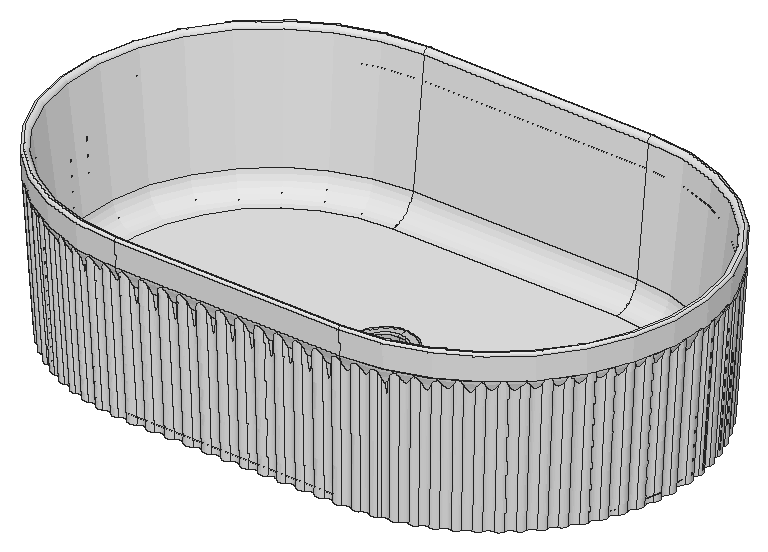
Revit family "Comfort Oval ribbed basin", category Plumbing Fixtures, Revit 2023
Family settings
  Round Connector Dimension = Use Diameter
  Part Type = Normal
  OmniClass Number = 23.45.00.00
  OmniClass Title = Sanitary, Laundry, and Cleaning Equipment
  Work Plane-Based = No
  Enable Cutting in Views = No
  Always vertical = Yes
  Cut with Voids When Loaded = No
  Maintain Annotation Orientation = No
  Shared = No
  Room Calculation Point = No
Parameters
  Silver = Silver
  Default Elevation = 0 mm
  Ceramic = Ceramic
Reference planes
  plane 1 "Center (Front/Back)": y = 0
  plane 2: z = 0
  plane 3 "Center (Left/Right)": x = 0
Forms (mm)
  Sweep 1, solid, material "Ceramic" <- "Ceramic"
    path origin (0, 0, 0) x (1, 0, 0) y (0, 1, 0)
      loop
        arc (-88, 114.837) -> (-203, -0.163) -> (-88, -115.163) r 115
        line (-88, -115.163) -> (88, -115.163)
        arc (88, -115.163) -> (203, -0.163) -> (88, 114.837) r 115
        line (88, 114.837) -> (-88, 114.837)
    profile origin (0, 114.837, 0) x (0, 1, 0) y (0, 0, 1)
      loop
        arc (22.876, 35.342) -> (16.277, 22.8) -> (3.025, 17.779) r 20
        line (3.025, 17.779) -> (0, 17.779) -> (0, 0) -> (23.538, 0)
        arc (23.538, 0) -> (26.98, 1.373) -> (28.532, 4.738) r 5
        line (28.532, 4.738) -> (35.09, 98.53)
        spline (35.09, 98.53) -> (35.414, 100.021) -> (35.786, 101.359) -> (36.191, 102.552) -> (36.612, 103.607) -> (37.033, 104.534) -> (37.437, 105.339) -> (37.809, 106.034) -> (38.141, 106.656) -> (38.432, 107.271) -> (38.679, 107.942) -> (38.882, 108.736) -> (39.04, 109.717)
        line (39.04, 109.717) -> (39.995, 127.937)
        arc (39.995, 127.937) -> (39.455, 129.412) -> (38.016, 130.041) r 2
        arc (38.016, 130.041) -> (35.382, 129.029) -> (34.072, 126.529) r 4
        line (34.072, 126.529) -> (22.876, 35.342)
  Extrusion 2, solid, material "Ceramic" <- "Ceramic"
    sketch origin (0, 0, 0) x (1, 0, 0) y (0, 1, 0)
      loop
        arc (-88, 114.837) -> (-203, -0.163) -> (-88, -115.163) r 115
        line (-88, -115.163) -> (88, -115.163)
        arc (88, -115.163) -> (203, -0.163) -> (88, 114.837) r 115
        line (88, 114.837) -> (-88, 114.837)
    from 0 to 17.779
  Blend 3, solid, material "Ceramic" <- "Ceramic"
    base sketch origin (0, 0, 0) x (1, 0, 0) y (0, 1, 0)
      loop
        arc (-3.677, 147.215) -> (-7.331, 148.879) -> (-11, 147.251) r 4.895
        arc (-11, 147.251) -> (-14.685, 145.551) -> (-18.386, 147.215) r 4.895
        arc (-18.386, 147.215) -> (-22.039, 148.879) -> (-25.709, 147.251) r 4.895
        arc (-25.709, 147.251) -> (-29.394, 145.551) -> (-33.095, 147.215) r 4.895
        arc (-33.095, 147.215) -> (-36.748, 148.879) -> (-40.418, 147.251) r 4.895
        arc (-40.418, 147.251) -> (-44.103, 145.551) -> (-47.804, 147.215) r 4.895
        arc (-47.804, 147.215) -> (-51.457, 148.879) -> (-55.127, 147.251) r 4.895
        arc (-55.127, 147.251) -> (-58.811, 145.551) -> (-62.513, 147.215) r 4.895
        arc (-62.513, 147.215) -> (-66.214, 148.879) -> (-69.899, 147.179) r 4.895
        arc (-69.899, 147.179) -> (-73.568, 145.551) -> (-77.221, 147.215) r 4.895
        arc (-77.221, 147.215) -> (-80.875, 148.879) -> (-84.544, 147.251) r 4.895
        arc (-84.544, 147.251) -> (-87.866, 145.566) -> (-91.424, 146.694) r 4.895
        arc (-91.424, 146.694) -> (-94.901, 147.84) -> (-98.214, 146.264) r 4.895
        arc (-98.214, 146.264) -> (-101.331, 144.693) -> (-104.703, 145.598) r 4.895
        arc (-104.703, 145.598) -> (-107.944, 146.478) -> (-110.996, 145.068) r 4.895
        line (-110.996, 145.068) -> (-112.08, 143.983)
        arc (-112.08, 143.983) -> (-114.923, 142.626) -> (-118.013, 143.267) r 4.895
        arc (-118.013, 143.267) -> (-121.683, 143.816) -> (-124.699, 141.641) r 4.895
        arc (-124.699, 141.641) -> (-127.458, 139.523) -> (-130.934, 139.756) r 4.895
        arc (-130.934, 139.756) -> (-134.569, 139.952) -> (-137.35, 137.593) r 4.895
        arc (-137.35, 137.593) -> (-139.888, 135.309) -> (-143.308, 135.224) r 4.895
        arc (-143.308, 135.224) -> (-146.961, 135.053) -> (-149.492, 132.405) r 4.895
        arc (-149.492, 132.405) -> (-151.857, 129.822) -> (-155.346, 129.463) r 4.895
        arc (-155.346, 129.463) -> (-159.049, 129.004) -> (-161.37, 126.074) r 4.895
        arc (-161.37, 126.074) -> (-163.476, 123.257) -> (-166.931, 122.563) r 4.895
        arc (-166.931, 122.563) -> (-170.557, 121.771) -> (-172.602, 118.666) r 4.895
        arc (-172.602, 118.666) -> (-174.409, 115.72) -> (-177.712, 114.702) r 4.895
        arc (-177.712, 114.702) -> (-181.071, 113.766) -> (-182.954, 110.831) r 4.895
        arc (-182.954, 110.831) -> (-184.385, 107.502) -> (-187.713, 106.051) r 4.895
        arc (-187.713, 106.051) -> (-191.066, 104.592) -> (-192.491, 101.217) r 4.895
        arc (-192.491, 101.217) -> (-193.782, 97.963) -> (-196.916, 96.386) r 4.895
        arc (-196.916, 96.386) -> (-200.214, 94.641) -> (-201.341, 91.077) r 4.895
        arc (-201.341, 91.077) -> (-202.308, 87.695) -> (-205.29, 85.817) r 4.895
        arc (-205.29, 85.817) -> (-208.397, 83.788) -> (-209.205, 80.159) r 4.895
        arc (-209.205, 80.159) -> (-209.858, 76.743) -> (-212.61, 74.606) r 4.895
        arc (-212.61, 74.606) -> (-215.456, 72.336) -> (-215.966, 68.725) r 4.895
        arc (-215.966, 68.725) -> (-216.344, 65.332) -> (-218.842, 62.995) r 4.895
        arc (-218.842, 62.995) -> (-221.458, 60.439) -> (-221.589, 56.778) r 4.895
        arc (-221.589, 56.778) -> (-221.639, 53.277) -> (-224.007, 50.689) r 4.895
        arc (-224.007, 50.689) -> (-226.469, 47.885) -> (-226.255, 44.153) r 4.895
        arc (-226.255, 44.153) -> (-225.956, 40.649) -> (-228.076, 37.833) r 4.895
        arc (-228.076, 37.833) -> (-230.258, 34.832) -> (-229.723, 31.153) r 4.895
        arc (-229.723, 31.153) -> (-229.119, 27.728) -> (-230.931, 24.752) r 4.895
        arc (-230.931, 24.752) -> (-232.784, 21.619) -> (-231.976, 18.062) r 4.895
        arc (-231.976, 18.062) -> (-231.123, 14.756) -> (-232.627, 11.684) r 4.895
        arc (-232.627, 11.684) -> (-234.161, 8.392) -> (-233.005, 4.949) r 4.895
        arc (-233.005, 4.949) -> (-230.897, 0.037) -> (-232.958, -4.894) r 6.853
        arc (-232.958, -4.894) -> (-234.163, -8.356) -> (-232.639, -11.696) r 4.895
        arc (-232.639, -11.696) -> (-231.123, -14.756) -> (-231.962, -18.073) r 4.895
        arc (-231.962, -18.073) -> (-232.784, -21.619) -> (-230.942, -24.766) r 4.895
        arc (-230.942, -24.766) -> (-229.119, -27.728) -> (-229.707, -31.162) r 4.895
        arc (-229.707, -31.162) -> (-230.258, -34.832) -> (-228.085, -37.848) r 4.895
        arc (-228.085, -37.848) -> (-225.956, -40.649) -> (-226.239, -44.161) r 4.895
        arc (-226.239, -44.161) -> (-226.469, -47.885) -> (-224.015, -50.705) r 4.895
        arc (-224.015, -50.705) -> (-221.639, -53.277) -> (-221.572, -56.784) r 4.895
        arc (-221.572, -56.784) -> (-221.458, -60.439) -> (-218.849, -63.011) r 4.895
        arc (-218.849, -63.011) -> (-216.344, -65.332) -> (-215.949, -68.73) r 4.895
        arc (-215.949, -68.73) -> (-215.456, -72.336) -> (-212.616, -74.623) r 4.895
        arc (-212.616, -74.623) -> (-209.858, -76.743) -> (-209.187, -80.162) r 4.895
        arc (-209.187, -80.162) -> (-208.397, -83.788) -> (-205.293, -85.835) r 4.895
        arc (-205.293, -85.835) -> (-202.308, -87.695) -> (-201.324, -91.078) r 4.895
        arc (-201.324, -91.078) -> (-200.214, -94.641) -> (-196.917, -96.404) r 4.895
        arc (-196.917, -96.404) -> (-193.782, -97.963) -> (-192.473, -101.217) r 4.895
        arc (-192.473, -101.217) -> (-191.066, -104.592) -> (-187.713, -106.068) r 4.895
        arc (-187.713, -106.068) -> (-184.385, -107.502) -> (-182.954, -110.831) r 4.895
        arc (-182.954, -110.831) -> (-181.071, -113.766) -> (-177.712, -114.702) r 4.895
        arc (-177.712, -114.702) -> (-174.409, -115.72) -> (-172.585, -118.663) r 4.895
        arc (-172.585, -118.663) -> (-170.557, -121.771) -> (-166.928, -122.58) r 4.895
        arc (-166.928, -122.58) -> (-163.476, -123.257) -> (-161.353, -126.07) r 4.895
        arc (-161.353, -126.07) -> (-159.049, -129.004) -> (-155.341, -129.48) r 4.895
        arc (-155.341, -129.48) -> (-151.857, -129.822) -> (-149.476, -132.398) r 4.895
        arc (-149.476, -132.398) -> (-146.961, -135.053) -> (-143.302, -135.24) r 4.895
        arc (-143.302, -135.24) -> (-139.888, -135.309) -> (-137.334, -137.585) r 4.895
        arc (-137.334, -137.585) -> (-134.569, -139.952) -> (-130.927, -139.772) r 4.895
        arc (-130.927, -139.772) -> (-127.458, -139.523) -> (-124.684, -141.632) r 4.895
        arc (-124.684, -141.632) -> (-121.683, -143.816) -> (-118.004, -143.282) r 4.895
        arc (-118.004, -143.282) -> (-114.923, -142.626) -> (-112.08, -143.983) r 4.895
        line (-112.08, -143.983) -> (-110.989, -145.062)
        arc (-110.989, -145.062) -> (-107.944, -146.478) -> (-104.703, -145.598) r 4.895
        arc (-104.703, -145.598) -> (-101.331, -144.693) -> (-98.201, -146.252) r 4.895
        arc (-98.201, -146.252) -> (-94.901, -147.84) -> (-91.412, -146.707) r 4.895
        arc (-91.412, -146.707) -> (-87.866, -145.566) -> (-84.544, -147.251) r 4.895
        arc (-84.544, -147.251) -> (-80.875, -148.879) -> (-77.221, -147.215) r 4.895
        arc (-77.221, -147.215) -> (-73.568, -145.551) -> (-69.899, -147.179) r 4.895
        arc (-69.899, -147.179) -> (-66.214, -148.879) -> (-62.513, -147.215) r 4.895
        arc (-62.513, -147.215) -> (-58.811, -145.551) -> (-55.127, -147.251) r 4.895
        arc (-55.127, -147.251) -> (-51.457, -148.879) -> (-47.804, -147.215) r 4.895
        arc (-47.804, -147.215) -> (-44.103, -145.551) -> (-40.418, -147.251) r 4.895
        arc (-40.418, -147.251) -> (-36.748, -148.879) -> (-33.095, -147.215) r 4.895
        arc (-33.095, -147.215) -> (-29.394, -145.551) -> (-25.709, -147.251) r 4.895
        arc (-25.709, -147.251) -> (-22.039, -148.879) -> (-18.386, -147.215) r 4.895
        arc (-18.386, -147.215) -> (-14.685, -145.551) -> (-11, -147.251) r 4.895
        arc (-11, -147.251) -> (-7.331, -148.879) -> (-3.677, -147.215) r 4.895
        arc (-3.677, -147.215) -> (0, -145.551) -> (3.677, -147.215) r 4.895
        arc (3.677, -147.215) -> (7.331, -148.879) -> (11, -147.251) r 4.895
        arc (11, -147.251) -> (14.685, -145.551) -> (18.386, -147.215) r 4.895
        arc (18.386, -147.215) -> (22.039, -148.879) -> (25.709, -147.251) r 4.895
        arc (25.709, -147.251) -> (29.394, -145.551) -> (33.095, -147.215) r 4.895
        arc (33.095, -147.215) -> (36.748, -148.879) -> (40.418, -147.251) r 4.895
        arc (40.418, -147.251) -> (44.103, -145.551) -> (47.804, -147.215) r 4.895
        arc (47.804, -147.215) -> (51.457, -148.879) -> (55.127, -147.251) r 4.895
        arc (55.127, -147.251) -> (58.811, -145.551) -> (62.513, -147.215) r 4.895
        arc (62.513, -147.215) -> (66.214, -148.879) -> (69.899, -147.179) r 4.895
        arc (69.899, -147.179) -> (73.568, -145.551) -> (77.221, -147.215) r 4.895
        arc (77.221, -147.215) -> (80.875, -148.879) -> (84.544, -147.251) r 4.895
        arc (84.544, -147.251) -> (87.866, -145.566) -> (91.424, -146.694) r 4.895
        arc (91.424, -146.694) -> (94.901, -147.84) -> (98.214, -146.264) r 4.895
        arc (98.214, -146.264) -> (101.331, -144.693) -> (104.703, -145.598) r 4.895
        arc (104.703, -145.598) -> (107.944, -146.478) -> (110.996, -145.068) r 4.895
        line (110.996, -145.068) -> (112.08, -143.983)
        arc (112.08, -143.983) -> (114.923, -142.626) -> (118.013, -143.267) r 4.895
        arc (118.013, -143.267) -> (121.683, -143.816) -> (124.699, -141.641) r 4.895
        arc (124.699, -141.641) -> (127.458, -139.523) -> (130.934, -139.756) r 4.895
        arc (130.934, -139.756) -> (134.569, -139.952) -> (137.35, -137.593) r 4.895
        arc (137.35, -137.593) -> (139.888, -135.309) -> (143.308, -135.224) r 4.895
        arc (143.308, -135.224) -> (146.961, -135.053) -> (149.492, -132.405) r 4.895
        arc (149.492, -132.405) -> (151.857, -129.822) -> (155.346, -129.463) r 4.895
        arc (155.346, -129.463) -> (159.049, -129.004) -> (161.37, -126.074) r 4.895
        arc (161.37, -126.074) -> (163.476, -123.257) -> (166.931, -122.563) r 4.895
        arc (166.931, -122.563) -> (170.557, -121.771) -> (172.602, -118.666) r 4.895
        arc (172.602, -118.666) -> (174.409, -115.72) -> (177.712, -114.702) r 4.895
        arc (177.712, -114.702) -> (181.071, -113.766) -> (182.954, -110.831) r 4.895
        arc (182.954, -110.831) -> (184.385, -107.502) -> (187.713, -106.051) r 4.895
        arc (187.713, -106.051) -> (191.066, -104.592) -> (192.491, -101.217) r 4.895
        arc (192.491, -101.217) -> (193.782, -97.963) -> (196.916, -96.386) r 4.895
        arc (196.916, -96.386) -> (200.214, -94.641) -> (201.341, -91.077) r 4.895
        arc (201.341, -91.077) -> (202.308, -87.695) -> (205.29, -85.817) r 4.895
        arc (205.29, -85.817) -> (208.397, -83.788) -> (209.205, -80.159) r 4.895
        arc (209.205, -80.159) -> (209.858, -76.743) -> (212.61, -74.606) r 4.895
        arc (212.61, -74.606) -> (215.456, -72.336) -> (215.966, -68.725) r 4.895
        arc (215.966, -68.725) -> (216.344, -65.332) -> (218.842, -62.995) r 4.895
        arc (218.842, -62.995) -> (221.458, -60.439) -> (221.589, -56.778) r 4.895
        arc (221.589, -56.778) -> (221.639, -53.277) -> (224.007, -50.689) r 4.895
        arc (224.007, -50.689) -> (226.469, -47.885) -> (226.255, -44.153) r 4.895
        arc (226.255, -44.153) -> (225.956, -40.649) -> (228.076, -37.833) r 4.895
        arc (228.076, -37.833) -> (230.258, -34.832) -> (229.723, -31.153) r 4.895
        arc (229.723, -31.153) -> (229.119, -27.728) -> (230.931, -24.752) r 4.895
        arc (230.931, -24.752) -> (232.784, -21.619) -> (231.976, -18.062) r 4.895
        arc (231.976, -18.062) -> (231.123, -14.756) -> (232.627, -11.684) r 4.895
        arc (232.627, -11.684) -> (234.163, -8.356) -> (232.958, -4.894) r 4.895
        arc (232.958, -4.894) -> (230.897, 0.037) -> (233.005, 4.949) r 6.853
        arc (233.005, 4.949) -> (234.161, 8.392) -> (232.639, 11.696) r 4.895
        arc (232.639, 11.696) -> (231.123, 14.756) -> (231.962, 18.073) r 4.895
        arc (231.962, 18.073) -> (232.784, 21.619) -> (230.942, 24.766) r 4.895
        arc (230.942, 24.766) -> (229.119, 27.728) -> (229.707, 31.162) r 4.895
        arc (229.707, 31.162) -> (230.258, 34.832) -> (228.085, 37.848) r 4.895
        arc (228.085, 37.848) -> (225.956, 40.649) -> (226.239, 44.161) r 4.895
        arc (226.239, 44.161) -> (226.469, 47.885) -> (224.015, 50.705) r 4.895
        arc (224.015, 50.705) -> (221.639, 53.277) -> (221.572, 56.784) r 4.895
        arc (221.572, 56.784) -> (221.458, 60.439) -> (218.849, 63.011) r 4.895
        arc (218.849, 63.011) -> (216.344, 65.332) -> (215.949, 68.73) r 4.895
        arc (215.949, 68.73) -> (215.456, 72.336) -> (212.616, 74.623) r 4.895
        arc (212.616, 74.623) -> (209.858, 76.743) -> (209.187, 80.162) r 4.895
        arc (209.187, 80.162) -> (208.397, 83.788) -> (205.293, 85.835) r 4.895
        arc (205.293, 85.835) -> (202.308, 87.695) -> (201.324, 91.078) r 4.895
        arc (201.324, 91.078) -> (200.214, 94.641) -> (196.917, 96.404) r 4.895
        arc (196.917, 96.404) -> (193.782, 97.963) -> (192.473, 101.217) r 4.895
        arc (192.473, 101.217) -> (191.066, 104.592) -> (187.713, 106.068) r 4.895
        arc (187.713, 106.068) -> (184.385, 107.502) -> (182.954, 110.831) r 4.895
        arc (182.954, 110.831) -> (181.071, 113.766) -> (177.712, 114.702) r 4.895
        arc (177.712, 114.702) -> (174.409, 115.72) -> (172.585, 118.663) r 4.895
        arc (172.585, 118.663) -> (170.557, 121.771) -> (166.928, 122.58) r 4.895
        arc (166.928, 122.58) -> (163.476, 123.257) -> (161.353, 126.07) r 4.895
        arc (161.353, 126.07) -> (159.049, 129.004) -> (155.341, 129.48) r 4.895
        arc (155.341, 129.48) -> (151.857, 129.822) -> (149.476, 132.398) r 4.895
        arc (149.476, 132.398) -> (146.961, 135.053) -> (143.302, 135.24) r 4.895
        arc (143.302, 135.24) -> (139.888, 135.309) -> (137.334, 137.585) r 4.895
        arc (137.334, 137.585) -> (134.569, 139.952) -> (130.927, 139.772) r 4.895
        arc (130.927, 139.772) -> (127.458, 139.523) -> (124.684, 141.632) r 4.895
        arc (124.684, 141.632) -> (121.683, 143.816) -> (118.004, 143.282) r 4.895
        arc (118.004, 143.282) -> (114.923, 142.626) -> (112.08, 143.983) r 4.895
        line (112.08, 143.983) -> (110.989, 145.062)
        arc (110.989, 145.062) -> (107.944, 146.478) -> (104.703, 145.598) r 4.895
        arc (104.703, 145.598) -> (101.331, 144.693) -> (98.201, 146.252) r 4.895
        arc (98.201, 146.252) -> (94.901, 147.84) -> (91.412, 146.707) r 4.895
        arc (91.412, 146.707) -> (87.866, 145.566) -> (84.544, 147.251) r 4.895
        arc (84.544, 147.251) -> (80.875, 148.879) -> (77.221, 147.215) r 4.895
        arc (77.221, 147.215) -> (73.568, 145.551) -> (69.899, 147.179) r 4.895
        arc (69.899, 147.179) -> (66.214, 148.879) -> (62.513, 147.215) r 4.895
        arc (62.513, 147.215) -> (58.811, 145.551) -> (55.127, 147.251) r 4.895
        arc (55.127, 147.251) -> (51.457, 148.879) -> (47.804, 147.215) r 4.895
        arc (47.804, 147.215) -> (44.103, 145.551) -> (40.418, 147.251) r 4.895
        arc (40.418, 147.251) -> (36.748, 148.879) -> (33.095, 147.215) r 4.895
        arc (33.095, 147.215) -> (29.394, 145.551) -> (25.709, 147.251) r 4.895
        arc (25.709, 147.251) -> (22.039, 148.879) -> (18.386, 147.215) r 4.895
        arc (18.386, 147.215) -> (14.685, 145.551) -> (11, 147.251) r 4.895
        arc (11, 147.251) -> (7.331, 148.879) -> (3.677, 147.215) r 4.895
        arc (3.677, 147.215) -> (0, 145.551) -> (-3.677, 147.215) r 4.895
    top sketch origin (0, 0, 0) x (1, 0, 0) y (0, 1, 0)
      loop
        arc (-3.801, 152.166) -> (-7.577, 153.886) -> (-11.37, 152.203) r 5.06
        arc (-11.37, 152.203) -> (-15.179, 150.446) -> (-19.004, 152.166) r 5.06
        arc (-19.004, 152.166) -> (-22.781, 153.886) -> (-26.574, 152.203) r 5.06
        arc (-26.574, 152.203) -> (-30.382, 150.446) -> (-34.208, 152.166) r 5.06
        arc (-34.208, 152.166) -> (-37.984, 153.886) -> (-41.777, 152.203) r 5.06
        arc (-41.777, 152.203) -> (-45.586, 150.446) -> (-49.411, 152.166) r 5.06
        arc (-49.411, 152.166) -> (-53.188, 153.886) -> (-56.98, 152.203) r 5.06
        arc (-56.98, 152.203) -> (-60.789, 150.446) -> (-64.615, 152.166) r 5.06
        arc (-64.615, 152.166) -> (-68.441, 153.886) -> (-72.249, 152.129) r 5.06
        arc (-72.249, 152.129) -> (-76.042, 150.446) -> (-79.818, 152.166) r 5.06
        arc (-79.818, 152.166) -> (-83.595, 153.886) -> (-87.387, 152.203) r 5.06
        arc (-87.387, 152.203) -> (-90.821, 150.462) -> (-94.498, 151.627) r 5.06
        arc (-94.498, 151.627) -> (-98.093, 152.811) -> (-101.517, 151.183) r 5.06
        arc (-101.517, 151.183) -> (-104.739, 149.559) -> (-108.225, 150.494) r 5.06
        arc (-108.225, 150.494) -> (-111.574, 151.404) -> (-114.728, 149.946) r 5.06
        line (-114.728, 149.946) -> (-115.849, 148.826)
        arc (-115.849, 148.826) -> (-118.787, 147.422) -> (-121.982, 148.085) r 5.06
        arc (-121.982, 148.085) -> (-125.775, 148.652) -> (-128.892, 146.405) r 5.06
        arc (-128.892, 146.405) -> (-131.744, 144.215) -> (-135.337, 144.456) r 5.06
        arc (-135.337, 144.456) -> (-139.094, 144.659) -> (-141.969, 142.221) r 5.06
        arc (-141.969, 142.221) -> (-144.592, 139.86) -> (-148.127, 139.771) r 5.06
        arc (-148.127, 139.771) -> (-151.903, 139.595) -> (-154.52, 136.858) r 5.06
        arc (-154.52, 136.858) -> (-156.964, 134.188) -> (-160.57, 133.817) r 5.06
        arc (-160.57, 133.817) -> (-164.398, 133.343) -> (-166.797, 130.314) r 5.06
        arc (-166.797, 130.314) -> (-168.974, 127.402) -> (-172.545, 126.684) r 5.06
        arc (-172.545, 126.684) -> (-176.292, 125.866) -> (-178.407, 122.657) r 5.06
        arc (-178.407, 122.657) -> (-180.274, 119.611) -> (-183.688, 118.559) r 5.06
        arc (-183.688, 118.559) -> (-187.16, 117.592) -> (-189.107, 114.559) r 5.06
        arc (-189.107, 114.559) -> (-190.586, 111.117) -> (-194.025, 109.617) r 5.06
        arc (-194.025, 109.617) -> (-197.492, 108.11) -> (-198.964, 104.621) r 5.06
        arc (-198.964, 104.621) -> (-200.299, 101.257) -> (-203.538, 99.627) r 5.06
        arc (-203.538, 99.627) -> (-206.947, 97.824) -> (-208.112, 94.14) r 5.06
        arc (-208.112, 94.14) -> (-209.112, 90.644) -> (-212.194, 88.703) r 5.06
        arc (-212.194, 88.703) -> (-215.405, 86.606) -> (-216.24, 82.854) r 5.06
        arc (-216.24, 82.854) -> (-216.916, 79.324) -> (-219.761, 77.115) r 5.06
        arc (-219.761, 77.115) -> (-222.702, 74.769) -> (-223.229, 71.037) r 5.06
        arc (-223.229, 71.037) -> (-223.62, 67.529) -> (-226.202, 65.113) r 5.06
        arc (-226.202, 65.113) -> (-228.905, 62.472) -> (-229.041, 58.687) r 5.06
        arc (-229.041, 58.687) -> (-229.093, 55.069) -> (-231.54, 52.394) r 5.06
        arc (-231.54, 52.394) -> (-234.085, 49.496) -> (-233.864, 45.638) r 5.06
        arc (-233.864, 45.638) -> (-233.555, 42.016) -> (-235.746, 39.106) r 5.06
        arc (-235.746, 39.106) -> (-238.002, 36.003) -> (-237.448, 32.2) r 5.06
        arc (-237.448, 32.2) -> (-236.824, 28.66) -> (-238.697, 25.584) r 5.06
        arc (-238.697, 25.584) -> (-240.613, 22.346) -> (-239.778, 18.67) r 5.06
        arc (-239.778, 18.67) -> (-238.896, 15.252) -> (-240.45, 12.077) r 5.06
        arc (-240.45, 12.077) -> (-242.036, 8.674) -> (-240.841, 5.115) r 5.06
        arc (-240.841, 5.115) -> (-238.663, 0.038) -> (-240.793, -5.059) r 7.083
        arc (-240.793, -5.059) -> (-242.038, -8.637) -> (-240.462, -12.09) r 5.06
        arc (-240.462, -12.09) -> (-238.896, -15.252) -> (-239.763, -18.68) r 5.06
        arc (-239.763, -18.68) -> (-240.613, -22.346) -> (-238.709, -25.599) r 5.06
        arc (-238.709, -25.599) -> (-236.824, -28.66) -> (-237.433, -32.21) r 5.06
        arc (-237.433, -32.21) -> (-238.002, -36.003) -> (-235.756, -39.121) r 5.06
        arc (-235.756, -39.121) -> (-233.555, -42.016) -> (-233.848, -45.646) r 5.06
        arc (-233.848, -45.646) -> (-234.085, -49.496) -> (-231.548, -52.41) r 5.06
        arc (-231.548, -52.41) -> (-229.093, -55.069) -> (-229.024, -58.694) r 5.06
        arc (-229.024, -58.694) -> (-228.905, -62.472) -> (-226.209, -65.13) r 5.06
        arc (-226.209, -65.13) -> (-223.62, -67.529) -> (-223.211, -71.041) r 5.06
        arc (-223.211, -71.041) -> (-222.702, -74.769) -> (-219.766, -77.133) r 5.06
        arc (-219.766, -77.133) -> (-216.916, -79.324) -> (-216.222, -82.858) r 5.06
        arc (-216.222, -82.858) -> (-215.405, -86.606) -> (-212.197, -88.721) r 5.06
        arc (-212.197, -88.721) -> (-209.112, -90.644) -> (-208.094, -94.141) r 5.06
        arc (-208.094, -94.141) -> (-206.947, -97.824) -> (-203.54, -99.646) r 5.06
        arc (-203.54, -99.646) -> (-200.299, -101.257) -> (-198.946, -104.621) r 5.06
        arc (-198.946, -104.621) -> (-197.492, -108.11) -> (-194.026, -109.636) r 5.06
        arc (-194.026, -109.636) -> (-190.586, -111.117) -> (-189.107, -114.559) r 5.06
        arc (-189.107, -114.559) -> (-187.16, -117.592) -> (-183.688, -118.559) r 5.06
        arc (-183.688, -118.559) -> (-180.274, -119.611) -> (-178.389, -122.653) r 5.06
        arc (-178.389, -122.653) -> (-176.292, -125.866) -> (-172.542, -126.702) r 5.06
        arc (-172.542, -126.702) -> (-168.974, -127.402) -> (-166.779, -130.309) r 5.06
        arc (-166.779, -130.309) -> (-164.398, -133.343) -> (-160.565, -133.834) r 5.06
        arc (-160.565, -133.834) -> (-156.964, -134.188) -> (-154.503, -136.851) r 5.06
        arc (-154.503, -136.851) -> (-151.903, -139.595) -> (-148.121, -139.788) r 5.06
        arc (-148.121, -139.788) -> (-144.592, -139.86) -> (-141.953, -142.212) r 5.06
        arc (-141.953, -142.212) -> (-139.094, -144.659) -> (-135.33, -144.473) r 5.06
        arc (-135.33, -144.473) -> (-131.744, -144.215) -> (-128.877, -146.395) r 5.06
        arc (-128.877, -146.395) -> (-125.775, -148.652) -> (-121.972, -148.1) r 5.06
        arc (-121.972, -148.1) -> (-118.787, -147.422) -> (-115.849, -148.826) r 5.06
        line (-115.849, -148.826) -> (-114.722, -149.94)
        arc (-114.722, -149.94) -> (-111.574, -151.404) -> (-108.225, -150.494) r 5.06
        arc (-108.225, -150.494) -> (-104.739, -149.559) -> (-101.503, -151.171) r 5.06
        arc (-101.503, -151.171) -> (-98.093, -152.811) -> (-94.487, -151.641) r 5.06
        arc (-94.487, -151.641) -> (-90.821, -150.462) -> (-87.387, -152.203) r 5.06
        arc (-87.387, -152.203) -> (-83.595, -153.886) -> (-79.818, -152.166) r 5.06
        arc (-79.818, -152.166) -> (-76.042, -150.446) -> (-72.249, -152.129) r 5.06
        arc (-72.249, -152.129) -> (-68.441, -153.886) -> (-64.615, -152.166) r 5.06
        arc (-64.615, -152.166) -> (-60.789, -150.446) -> (-56.98, -152.203) r 5.06
        arc (-56.98, -152.203) -> (-53.188, -153.886) -> (-49.411, -152.166) r 5.06
        arc (-49.411, -152.166) -> (-45.586, -150.446) -> (-41.777, -152.203) r 5.06
        arc (-41.777, -152.203) -> (-37.984, -153.886) -> (-34.208, -152.166) r 5.06
        arc (-34.208, -152.166) -> (-30.382, -150.446) -> (-26.574, -152.203) r 5.06
        arc (-26.574, -152.203) -> (-22.781, -153.886) -> (-19.004, -152.166) r 5.06
        arc (-19.004, -152.166) -> (-15.179, -150.446) -> (-11.37, -152.203) r 5.06
        arc (-11.37, -152.203) -> (-7.577, -153.886) -> (-3.801, -152.166) r 5.06
        arc (-3.801, -152.166) -> (0, -150.446) -> (3.801, -152.166) r 5.06
        arc (3.801, -152.166) -> (7.577, -153.886) -> (11.37, -152.203) r 5.06
        arc (11.37, -152.203) -> (15.179, -150.446) -> (19.004, -152.166) r 5.06
        arc (19.004, -152.166) -> (22.781, -153.886) -> (26.574, -152.203) r 5.06
        arc (26.574, -152.203) -> (30.382, -150.446) -> (34.208, -152.166) r 5.06
        arc (34.208, -152.166) -> (37.984, -153.886) -> (41.777, -152.203) r 5.06
        arc (41.777, -152.203) -> (45.586, -150.446) -> (49.411, -152.166) r 5.06
        arc (49.411, -152.166) -> (53.188, -153.886) -> (56.98, -152.203) r 5.06
        arc (56.98, -152.203) -> (60.789, -150.446) -> (64.615, -152.166) r 5.06
        arc (64.615, -152.166) -> (68.441, -153.886) -> (72.249, -152.129) r 5.06
        arc (72.249, -152.129) -> (76.042, -150.446) -> (79.818, -152.166) r 5.06
        arc (79.818, -152.166) -> (83.595, -153.886) -> (87.387, -152.203) r 5.06
        arc (87.387, -152.203) -> (90.821, -150.462) -> (94.498, -151.627) r 5.06
        arc (94.498, -151.627) -> (98.093, -152.811) -> (101.517, -151.183) r 5.06
        arc (101.517, -151.183) -> (104.739, -149.559) -> (108.225, -150.494) r 5.06
        arc (108.225, -150.494) -> (111.574, -151.404) -> (114.728, -149.946) r 5.06
        line (114.728, -149.946) -> (115.849, -148.826)
        arc (115.849, -148.826) -> (118.787, -147.422) -> (121.982, -148.085) r 5.06
        arc (121.982, -148.085) -> (125.775, -148.652) -> (128.892, -146.405) r 5.06
        arc (128.892, -146.405) -> (131.744, -144.215) -> (135.337, -144.456) r 5.06
        arc (135.337, -144.456) -> (139.094, -144.659) -> (141.969, -142.221) r 5.06
        arc (141.969, -142.221) -> (144.592, -139.86) -> (148.127, -139.771) r 5.06
        arc (148.127, -139.771) -> (151.903, -139.595) -> (154.52, -136.858) r 5.06
        arc (154.52, -136.858) -> (156.964, -134.188) -> (160.57, -133.817) r 5.06
        arc (160.57, -133.817) -> (164.398, -133.343) -> (166.797, -130.314) r 5.06
        arc (166.797, -130.314) -> (168.974, -127.402) -> (172.545, -126.684) r 5.06
        arc (172.545, -126.684) -> (176.292, -125.866) -> (178.407, -122.657) r 5.06
        arc (178.407, -122.657) -> (180.274, -119.611) -> (183.688, -118.559) r 5.06
        arc (183.688, -118.559) -> (187.16, -117.592) -> (189.107, -114.559) r 5.06
        arc (189.107, -114.559) -> (190.586, -111.117) -> (194.025, -109.617) r 5.06
        arc (194.025, -109.617) -> (197.492, -108.11) -> (198.964, -104.621) r 5.06
        arc (198.964, -104.621) -> (200.299, -101.257) -> (203.538, -99.627) r 5.06
        arc (203.538, -99.627) -> (206.947, -97.824) -> (208.112, -94.14) r 5.06
        arc (208.112, -94.14) -> (209.112, -90.644) -> (212.194, -88.703) r 5.06
        arc (212.194, -88.703) -> (215.405, -86.606) -> (216.24, -82.854) r 5.06
        arc (216.24, -82.854) -> (216.916, -79.324) -> (219.761, -77.115) r 5.06
        arc (219.761, -77.115) -> (222.702, -74.769) -> (223.229, -71.037) r 5.06
        arc (223.229, -71.037) -> (223.62, -67.529) -> (226.202, -65.113) r 5.06
        arc (226.202, -65.113) -> (228.905, -62.472) -> (229.041, -58.687) r 5.06
        arc (229.041, -58.687) -> (229.093, -55.069) -> (231.54, -52.394) r 5.06
        arc (231.54, -52.394) -> (234.085, -49.496) -> (233.864, -45.638) r 5.06
        arc (233.864, -45.638) -> (233.555, -42.016) -> (235.746, -39.106) r 5.06
        arc (235.746, -39.106) -> (238.002, -36.003) -> (237.448, -32.2) r 5.06
        arc (237.448, -32.2) -> (236.824, -28.66) -> (238.697, -25.584) r 5.06
        arc (238.697, -25.584) -> (240.613, -22.346) -> (239.778, -18.67) r 5.06
        arc (239.778, -18.67) -> (238.896, -15.252) -> (240.45, -12.077) r 5.06
        arc (240.45, -12.077) -> (242.038, -8.637) -> (240.793, -5.059) r 5.06
        arc (240.793, -5.059) -> (238.663, 0.038) -> (240.841, 5.115) r 7.083
        arc (240.841, 5.115) -> (242.036, 8.674) -> (240.462, 12.09) r 5.06
        arc (240.462, 12.09) -> (238.896, 15.252) -> (239.763, 18.68) r 5.06
        arc (239.763, 18.68) -> (240.613, 22.346) -> (238.709, 25.599) r 5.06
        arc (238.709, 25.599) -> (236.824, 28.66) -> (237.433, 32.21) r 5.06
        arc (237.433, 32.21) -> (238.002, 36.003) -> (235.756, 39.121) r 5.06
        arc (235.756, 39.121) -> (233.555, 42.016) -> (233.848, 45.646) r 5.06
        arc (233.848, 45.646) -> (234.085, 49.496) -> (231.548, 52.41) r 5.06
        arc (231.548, 52.41) -> (229.093, 55.069) -> (229.024, 58.694) r 5.06
        arc (229.024, 58.694) -> (228.905, 62.472) -> (226.209, 65.13) r 5.06
        arc (226.209, 65.13) -> (223.62, 67.529) -> (223.211, 71.041) r 5.06
        arc (223.211, 71.041) -> (222.702, 74.769) -> (219.766, 77.133) r 5.06
        arc (219.766, 77.133) -> (216.916, 79.324) -> (216.222, 82.858) r 5.06
        arc (216.222, 82.858) -> (215.405, 86.606) -> (212.197, 88.721) r 5.06
        arc (212.197, 88.721) -> (209.112, 90.644) -> (208.094, 94.141) r 5.06
        arc (208.094, 94.141) -> (206.947, 97.824) -> (203.54, 99.646) r 5.06
        arc (203.54, 99.646) -> (200.299, 101.257) -> (198.946, 104.621) r 5.06
        arc (198.946, 104.621) -> (197.492, 108.11) -> (194.026, 109.636) r 5.06
        arc (194.026, 109.636) -> (190.586, 111.117) -> (189.107, 114.559) r 5.06
        arc (189.107, 114.559) -> (187.16, 117.592) -> (183.688, 118.559) r 5.06
        arc (183.688, 118.559) -> (180.274, 119.611) -> (178.389, 122.653) r 5.06
        arc (178.389, 122.653) -> (176.292, 125.866) -> (172.542, 126.702) r 5.06
        arc (172.542, 126.702) -> (168.974, 127.402) -> (166.779, 130.309) r 5.06
        arc (166.779, 130.309) -> (164.398, 133.343) -> (160.565, 133.834) r 5.06
        arc (160.565, 133.834) -> (156.964, 134.188) -> (154.503, 136.851) r 5.06
        arc (154.503, 136.851) -> (151.903, 139.595) -> (148.121, 139.788) r 5.06
        arc (148.121, 139.788) -> (144.592, 139.86) -> (141.953, 142.212) r 5.06
        arc (141.953, 142.212) -> (139.094, 144.659) -> (135.33, 144.473) r 5.06
        arc (135.33, 144.473) -> (131.744, 144.215) -> (128.877, 146.395) r 5.06
        arc (128.877, 146.395) -> (125.775, 148.652) -> (121.972, 148.1) r 5.06
        arc (121.972, 148.1) -> (118.787, 147.422) -> (115.849, 148.826) r 5.06
        line (115.849, 148.826) -> (114.722, 149.94)
        arc (114.722, 149.94) -> (111.574, 151.404) -> (108.225, 150.494) r 5.06
        arc (108.225, 150.494) -> (104.739, 149.559) -> (101.503, 151.171) r 5.06
        arc (101.503, 151.171) -> (98.093, 152.811) -> (94.487, 151.641) r 5.06
        arc (94.487, 151.641) -> (90.821, 150.462) -> (87.387, 152.203) r 5.06
        arc (87.387, 152.203) -> (83.595, 153.886) -> (79.818, 152.166) r 5.06
        arc (79.818, 152.166) -> (76.042, 150.446) -> (72.249, 152.129) r 5.06
        arc (72.249, 152.129) -> (68.441, 153.886) -> (64.615, 152.166) r 5.06
        arc (64.615, 152.166) -> (60.789, 150.446) -> (56.98, 152.203) r 5.06
        arc (56.98, 152.203) -> (53.188, 153.886) -> (49.411, 152.166) r 5.06
        arc (49.411, 152.166) -> (45.586, 150.446) -> (41.777, 152.203) r 5.06
        arc (41.777, 152.203) -> (37.984, 153.886) -> (34.208, 152.166) r 5.06
        arc (34.208, 152.166) -> (30.382, 150.446) -> (26.574, 152.203) r 5.06
        arc (26.574, 152.203) -> (22.781, 153.886) -> (19.004, 152.166) r 5.06
        arc (19.004, 152.166) -> (15.179, 150.446) -> (11.37, 152.203) r 5.06
        arc (11.37, 152.203) -> (7.577, 153.886) -> (3.801, 152.166) r 5.06
        arc (3.801, 152.166) -> (0, 150.446) -> (-3.801, 152.166) r 5.06
    from 0 to 109.717
  Sweep 4, void
    path origin (0, 0, 0) x (1, 0, 0) y (0, 1, 0)
      loop
        line (88, 114.837) -> (-88, 114.837)
        arc (-88, 114.837) -> (-203, -0.163) -> (-88, -115.163) r 115
        line (-88, -115.163) -> (88, -115.163)
        arc (88, -115.163) -> (203, -0.163) -> (88, 114.837) r 115
    profile origin (0, 114.837, 0) x (0, -1, 0) y (0, 0, 1)
      loop
        line (0, 17.779) -> (0, 115.033) -> (-32.782, 115.033) -> (-22.997, 35.342)
        arc (-22.997, 35.342) -> (-16.399, 22.8) -> (-3.146, 17.779) r 20
        line (-3.146, 17.779) -> (0, 17.779)
  Extrusion 5, void
    sketch origin (0, 0, 0) x (1, 0, 0) y (0, 1, 0)
      loop
        arc (88, -115.163) -> (203, -0.163) -> (88, 114.837) r 115
        line (88, 114.837) -> (-88, 114.837)
        arc (-88, 114.837) -> (-203, -0.163) -> (-88, -115.163) r 115
        line (-88, -115.163) -> (88, -115.163)
    from 17.779 to 214.642
  Extrusion 6, void
    sketch origin (0, 0, 0) x (1, 0, 0) y (0, 1, 0)
      loop
        circle (0, 0) r 22.5
    from 0 to 30
  Revolve 7, solid, material "Silver" <- "Silver"
    sketch origin (0, 192, -704.69) x (0, 1, 0) y (0, 0, 1)
      loop
        line (-169.5, 721.469) -> (-169.5, 722.469)
        arc (-169.5, 722.469) -> (-169.793, 723.176) -> (-170.5, 723.469) r 1
        line (-170.5, 723.469) -> (-176.5, 723.469)
        arc (-176.5, 723.469) -> (-177.207, 723.176) -> (-177.5, 722.469) r 1
        line (-177.5, 722.469) -> (-177.5, 718.713)
        arc (-177.5, 718.713) -> (-177.646, 718.359) -> (-178, 718.213) r 0.5
        line (-178, 718.213) -> (-192, 718.213) -> (-192, 717.213) -> (-176.15, 717.213) -> (-176.15, 720.469)
        arc (-176.15, 720.469) -> (-175.857, 721.176) -> (-175.15, 721.469) r 1
        line (-175.15, 721.469) -> (-169.5, 721.469)
      axis (-192, 717.213) -> (-192, 723.469)
    angle from 0 to 360
  Extrusion 8, void
    sketch origin (0, 192, -704.69) x (1, 0, 0) y (0, 1, 0)
      loop
        circle (0, -192) r 3
      loop
        circle (-8.778, -192) r 3
      loop
        circle (-4.389, -184.398) r 3
      loop
        circle (4.389, -184.398) r 3
      loop
        circle (8.778, -192) r 3
      loop
        circle (4.389, -199.602) r 3
      loop
        circle (-4.389, -199.602) r 3
    from 710.891 to 726.281
Cuts and joins
  Sweep 4, Extrusion 5, Extrusion 6 cuts Blend 3
  Extrusion 6 cuts Sweep 1
  Extrusion 6 cuts Extrusion 2
  joined: Sweep 1, Extrusion 2
  Extrusion 8 cuts Revolve 7
Dimensions and locks
  aligned and locked: level to plane 2
